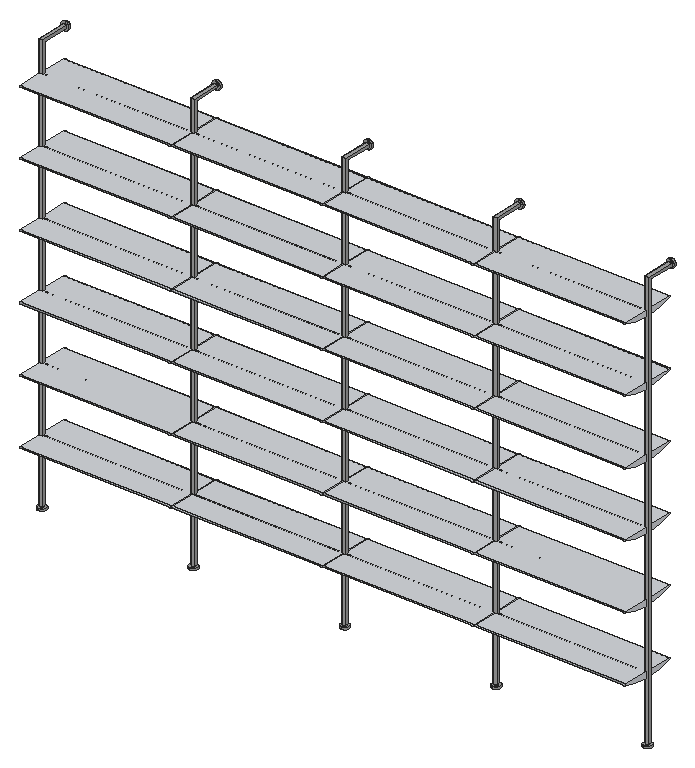
Revit family "Sailor_Parete_Composizione_3", category Arredi, Revit 2017
Family settings
  Numero OmniClass = 23.40.20.00
  Titolo OmniClass = General Furniture and Specialties
  Basato su piano di lavoro = No
  Sempre verticale = Sì
  Taglio con vuoti quando caricato = No
  Condiviso = No
  Punto di calcolo locali = No
Parameters
  VisibModulo4 = yes
  VisibModulo3 = yes
  VisibModulo2 = yes
  URL = "www.livingdivani.it"
  Produttore = "Living Divani"
  Modello = "Sailor"
  Lunghezza Modulo 3 = 900 mm
  Lunghezza Modulo 2 = 900 mm
  Lunghezza Modulo 4 = 900 mm
  Lunghezza Modulo 1 = 900 mm
Reference planes
  plane 1 "Centro (Fronte/Retro)": y = 0
  plane 2: z = 0
  plane 3 "Centro (Sinistra/Destra)": x = 0
Dimensions and locks
  aligned and locked: level to plane 2
  aligned and locked: nested 2 to nested 1
  aligned and locked: nested 3 to nested 2
  aligned and locked: nested 2 to nested 3
  aligned and locked: nested 4 to nested 3
  aligned and locked: nested 3 to nested 4
Nested families
  nested 1: "Sailor_Modulo_Base_Parete" at (0, 0, 0), LunghezzaRipiano <- "Lunghezza Modulo 1", type "Modulo 1"
    with VisibRipiano6 yes, VisibRipiano5 yes, VisibRipiano4 yes, VisibRipiano3 yes, VisibRipiano2 yes, VisibRipiano1 yes, LunghezzaRipiano 900 mm
  nested 2: "Sailor_Modulo_Base_Parete" at (900, 0, 0), LunghezzaRipiano <- "Lunghezza Modulo 2", visible <- "VisibModulo2", type "Modulo 2"
    with VisibRipiano6 yes, VisibRipiano5 yes, VisibRipiano4 yes, VisibRipiano3 yes, VisibRipiano2 yes, VisibRipiano1 yes, LunghezzaRipiano 900 mm, PrimaAsta no
  nested 3: "Sailor_Modulo_Base_Parete" at (1800, 0, 0), LunghezzaRipiano <- "Lunghezza Modulo 3", visible <- "VisibModulo3", type "Modulo 3"
    with VisibRipiano6 yes, VisibRipiano5 yes, VisibRipiano4 yes, VisibRipiano3 yes, VisibRipiano2 yes, VisibRipiano1 yes, LunghezzaRipiano 900 mm, PrimaAsta no
  nested 4: "Sailor_Modulo_Base_Parete" at (2700, 0, 0), LunghezzaRipiano <- "Lunghezza Modulo 4", visible <- "VisibModulo4", type "Modulo 4"
    with VisibRipiano6 yes, VisibRipiano5 yes, VisibRipiano4 yes, VisibRipiano3 yes, VisibRipiano2 yes, VisibRipiano1 yes, LunghezzaRipiano 900 mm, PrimaAsta no
Definition of nested family "Sailor_Modulo_Base_Parete"
  Parameters (values of type "Sailor_Modulo_Base_Parete")
    VisibRipiano6 [instance] = yes
    VisibRipiano5 [instance] = yes
    VisibRipiano4 [instance] = yes
    VisibRipiano3 [instance] = yes
    VisibRipiano1 [instance] = yes
    VisibRipiano2 [instance] = yes
    Ripiani = none
    PrimaAsta = yes
    LunghezzaRipiano [instance] = 900 mm
    Aste = none
  Reference planes
    plane 1 "Centro (Fronte/Retro)": y = 0
    plane 2: z = 0
    plane 3 "Centro (Sinistra/Destra)": x = 0
    plane 4: y = 0
    plane 5 "Lunghezza Ripiano": x = 900
    plane 6 "primo ripiano": z = 383
    plane 7: y = 0
    plane 8: y = 0
    plane 9: y = 0
    plane 10: y = 0
    plane 11: y = 0
  Forms (mm)
    Revolve 1, solid, material <- "Aste", visible <- "PrimaAsta"
      sketch origin (0, 0, 0) x (0, 1, 0) y (0, 0, 1)
        loop
          line (0, 20) -> (0, 0) -> (19, 0) -> (20.125, 2.25) -> (25, 2.25) -> (25, 9.915) -> (7.761, 9.915) -> (6.996, 12.974) -> (5, 12.974) -> (5, 14.189) -> (7.229, 20) -> (0, 20)
        axis (0, 0) -> (0, 20)
      angle from 0 to 360
    Extrusion 2, solid, material <- "Ripiani", visible <- "VisibRipiano1"
      sketch origin (0, -315.449, -968.719) x (0, 1, 0) y (0, 0, 1)
        loop
          arc (153.449, 1369.219) -> (150.496, 1366.748) -> (152.408, 1363.405) r 3
          arc (152.408, 1363.405) -> (315.449, 1334.219) -> (478.489, 1363.405) r 469.983
          arc (478.489, 1363.405) -> (480.402, 1366.748) -> (477.449, 1369.219) r 3
          line (477.449, 1369.219) -> (153.449, 1369.219)
        loop
          circle (315.449, 1351.719) r 8
      from 0 to 900 <- "LunghezzaRipiano"
    Extrusion 3, solid, visible <- "PrimaAsta", not visible
      sketch origin (0, 0, 0) x (1, 0, 0) y (0, 1, 0)
        loop
          line (12.5, 7.217) -> (0, 14.434) -> (-12.5, 7.217) -> (-12.5, -7.217) -> (0, -14.434) -> (12.5, -7.217) -> (12.5, 7.217)
      from 20 to 2670
    Revolve 4, solid, visible <- "PrimaAsta", not visible
      sketch origin (0, 0, 0) x (0, 1, 0) y (0, 0, 1)
        loop
          line (0, 20) -> (0, 0) -> (19, 0) -> (20.125, 2.25) -> (25, 2.25) -> (25, 9.915) -> (7.761, 9.915) -> (6.996, 12.974) -> (5, 12.974) -> (5, 14.189) -> (7.229, 20) -> (0, 20)
        axis (0, 0) -> (0, 20)
      angle from 0 to 360
    Revolve 5, solid, visible <- "PrimaAsta", not visible
      sketch origin (0, 0, 2690) x (0, 1, 0) y (0, 0, -1)
        loop
          line (0, 20) -> (0, 0) -> (19, 0) -> (20.125, 2.25) -> (25, 2.25) -> (25, 9.915) -> (7.761, 9.915) -> (6.996, 12.974) -> (5, 12.974) -> (5, 14.189) -> (7.229, 20) -> (0, 20)
        axis (0, 0) -> (0, 20)
      angle from 0 to 360
    Revolve 6, solid, material <- "Aste"
      sketch origin (900, 0, 0) x (0, 1, 0) y (0, 0, 1)
        loop
          line (0, 20) -> (0, 0) -> (19, 0) -> (20.125, 2.25) -> (25, 2.25) -> (25, 9.915) -> (7.761, 9.915) -> (6.996, 12.974) -> (5, 12.974) -> (5, 14.189) -> (7.229, 20) -> (0, 20)
        axis (0, 0) -> (0, 20)
      angle from 0 to 360
    Extrusion 7, solid, material <- "Ripiani", visible <- "VisibRipiano2"
      sketch origin (0, -315.449, -583.719) x (0, 1, 0) y (0, 0, 1)
        loop
          arc (153.449, 1369.219) -> (150.496, 1366.748) -> (152.408, 1363.405) r 3
          arc (152.408, 1363.405) -> (315.449, 1334.219) -> (478.489, 1363.405) r 469.983
          arc (478.489, 1363.405) -> (480.402, 1366.748) -> (477.449, 1369.219) r 3
          line (477.449, 1369.219) -> (153.449, 1369.219)
        loop
          circle (315.449, 1351.719) r 8
      from 0 to 900 <- "LunghezzaRipiano"
    Extrusion 8, solid, material <- "Ripiani", visible <- "VisibRipiano3"
      sketch origin (0, -315.449, -198.719) x (0, 1, 0) y (0, 0, 1)
        loop
          arc (153.449, 1369.219) -> (150.496, 1366.748) -> (152.408, 1363.405) r 3
          arc (152.408, 1363.405) -> (315.449, 1334.219) -> (478.489, 1363.405) r 469.983
          arc (478.489, 1363.405) -> (480.402, 1366.748) -> (477.449, 1369.219) r 3
          line (477.449, 1369.219) -> (153.449, 1369.219)
        loop
          circle (315.449, 1351.719) r 8
      from 0 to 900 <- "LunghezzaRipiano"
    Extrusion 9, solid, material <- "Ripiani", visible <- "VisibRipiano4"
      sketch origin (0, -315.449, 186.281) x (0, 1, 0) y (0, 0, 1)
        loop
          arc (153.449, 1369.219) -> (150.496, 1366.748) -> (152.408, 1363.405) r 3
          arc (152.408, 1363.405) -> (315.449, 1334.219) -> (478.489, 1363.405) r 469.983
          arc (478.489, 1363.405) -> (480.402, 1366.748) -> (477.449, 1369.219) r 3
          line (477.449, 1369.219) -> (153.449, 1369.219)
        loop
          circle (315.449, 1351.719) r 8
      from 0 to 900 <- "LunghezzaRipiano"
    Extrusion 10, solid, material <- "Ripiani", visible <- "VisibRipiano5"
      sketch origin (0, -315.449, 571.281) x (0, 1, 0) y (0, 0, 1)
        loop
          arc (153.449, 1369.219) -> (150.496, 1366.748) -> (152.408, 1363.405) r 3
          arc (152.408, 1363.405) -> (315.449, 1334.219) -> (478.489, 1363.405) r 469.983
          arc (478.489, 1363.405) -> (480.402, 1366.748) -> (477.449, 1369.219) r 3
          line (477.449, 1369.219) -> (153.449, 1369.219)
        loop
          circle (315.449, 1351.719) r 8
      from 0 to 900 <- "LunghezzaRipiano"
    Extrusion 11, solid, material <- "Ripiani", visible <- "VisibRipiano6"
      sketch origin (0, -315.449, 956.281) x (0, 1, 0) y (0, 0, 1)
        loop
          arc (153.449, 1369.219) -> (150.496, 1366.748) -> (152.408, 1363.405) r 3
          arc (152.408, 1363.405) -> (315.449, 1334.219) -> (478.489, 1363.405) r 469.983
          arc (478.489, 1363.405) -> (480.402, 1366.748) -> (477.449, 1369.219) r 3
          line (477.449, 1369.219) -> (153.449, 1369.219)
        loop
          circle (315.449, 1351.719) r 8
      from 0 to 900 <- "LunghezzaRipiano"
    Extrusion 12, void
      sketch origin (-112.713, -21.581, 0) x (1, 0, 0) y (0, 1, 0)
        loop
          line (112.713, 36.015) -> (112.713, 7.147) -> (125.213, 14.364) -> (125.213, 28.798) -> (112.713, 36.015)
      from 361.476 to 406.494
    Extrusion 13, void
      sketch origin (862.713, -21.581, 0) x (-1, 0, 0) y (0, -1, 0)
        loop
          line (-37.287, -36.015) -> (-24.787, -28.798) -> (-24.787, -14.364) -> (-37.287, -7.147) -> (-37.287, -36.015)
      from 361.476 to 406.494
    Extrusion 14, void
      sketch origin (-112.713, -21.581, 385.443) x (0, -1, 0) y (1, 0, 0)
        loop
          line (-36.015, 112.713) -> (-7.147, 112.713) -> (-14.364, 125.213) -> (-28.798, 125.213) -> (-36.015, 112.713)
      from 361.476 to 406.494
    Extrusion 15, void
      sketch origin (862.713, -21.581, 385.443) x (0, 1, 0) y (-1, 0, 0)
        loop
          line (36.015, -37.287) -> (28.798, -24.787) -> (14.364, -24.787) -> (7.147, -37.287) -> (36.015, -37.287)
      from 361.476 to 406.494
    Extrusion 16, void
      sketch origin (-112.713, -21.581, 770.443) x (0, -1, 0) y (1, 0, 0)
        loop
          line (-36.015, 112.713) -> (-7.147, 112.713) -> (-14.364, 125.213) -> (-28.798, 125.213) -> (-36.015, 112.713)
      from 361.476 to 406.494
    Extrusion 17, void
      sketch origin (862.713, -21.581, 770.443) x (0, 1, 0) y (-1, 0, 0)
        loop
          line (36.015, -37.287) -> (28.798, -24.787) -> (14.364, -24.787) -> (7.147, -37.287) -> (36.015, -37.287)
      from 361.476 to 406.494
    Extrusion 18, void
      sketch origin (-112.713, -21.581, 1155.443) x (0, -1, 0) y (1, 0, 0)
        loop
          line (-36.015, 112.713) -> (-7.147, 112.713) -> (-14.364, 125.213) -> (-28.798, 125.213) -> (-36.015, 112.713)
      from 361.476 to 406.494
    Extrusion 19, void
      sketch origin (862.713, -21.581, 1155.443) x (0, 1, 0) y (-1, 0, 0)
        loop
          line (36.015, -37.287) -> (28.798, -24.787) -> (14.364, -24.787) -> (7.147, -37.287) -> (36.015, -37.287)
      from 361.476 to 406.494
    Extrusion 20, void
      sketch origin (-112.713, -21.581, 1540.443) x (0, -1, 0) y (1, 0, 0)
        loop
          line (-36.015, 112.713) -> (-7.147, 112.713) -> (-14.364, 125.213) -> (-28.798, 125.213) -> (-36.015, 112.713)
      from 361.476 to 406.494
    Extrusion 21, void
      sketch origin (862.713, -21.581, 1540.443) x (0, 1, 0) y (-1, 0, 0)
        loop
          line (36.015, -37.287) -> (28.798, -24.787) -> (14.364, -24.787) -> (7.147, -37.287) -> (36.015, -37.287)
      from 361.476 to 406.494
    Extrusion 22, void
      sketch origin (-112.713, -21.581, 1925.443) x (0, -1, 0) y (1, 0, 0)
        loop
          line (-36.015, 112.713) -> (-7.147, 112.713) -> (-14.364, 125.213) -> (-28.798, 125.213) -> (-36.015, 112.713)
      from 361.476 to 406.494
    Extrusion 23, void
      sketch origin (862.713, -21.581, 1925.443) x (0, 1, 0) y (-1, 0, 0)
        loop
          line (36.015, -37.287) -> (28.798, -24.787) -> (14.364, -24.787) -> (7.147, -37.287) -> (36.015, -37.287)
      from 361.476 to 406.494
    Sweep 24, solid, material <- "Aste", visible <- "PrimaAsta"
      path origin (0, 0, 0) x (0, 1, 0) y (0, 0, 1)
        loop
          line (0, 20) -> (0, 2496) -> (160.566, 2496)
      profile origin (0, 0, 1258) x (0, -1, 0) y (1, 0, 0)
        loop
          line (-14.434, 0) -> (-7.217, -12.5) -> (7.217, -12.5) -> (14.434, 0) -> (7.217, 12.5) -> (-7.217, 12.5) -> (-14.434, 0)
    Revolve 25, solid, material <- "Aste", visible <- "PrimaAsta"
      sketch origin (0, 180.566, 2496) x (0, 0, 1) y (0, -1, 0)
        loop
          line (0, 20) -> (0, -15) -> (3, -15) -> (3, 0) -> (19, 0) -> (20.125, 2.25) -> (25, 2.25) -> (25, 9.915) -> (7.761, 9.915) -> (6.996, 12.974) -> (5, 12.974) -> (5, 14.189) -> (7.229, 20) -> (0, 20)
        axis (0, -15) -> (0, 20)
      angle from 0 to 360
    Sweep 26, solid, material <- "Aste"
      path origin (900, 551.923, 1200) x (0, 1, 0) y (0, 0, 1)
        loop
          line (-551.923, -1180) -> (-551.923, 1296) -> (-391.357, 1296)
      profile origin (900, 0, 1258) x (0, -1, 0) y (1, 0, 0)
        loop
          line (14.434, 0) -> (7.217, 12.5) -> (-7.217, 12.5) -> (-14.434, 0) -> (-7.217, -12.5) -> (7.217, -12.5) -> (14.434, 0)
    Revolve 27, solid, material <- "Aste"
      sketch origin (900, 180.566, 2496) x (0, 0, 1) y (0, 1, 0)
        loop
          line (0, -20) -> (7.229, -20) -> (5, -14.189) -> (5, -12.974) -> (6.996, -12.974) -> (7.761, -9.915) -> (25, -9.915) -> (25, -2.25) -> (20.125, -2.25) -> (19, 0) -> (3, 0) -> (3, 15) -> (0, 15) -> (0, -20)
        axis (0, 15) -> (0, -20)
      angle from 0 to 360
  Cuts and joins
    Extrusion 12, Extrusion 13, Extrusion 14, Extrusion 15 cuts Extrusion 2
    Extrusion 12, Extrusion 13, Extrusion 22, Extrusion 23 cuts Extrusion 11
    Extrusion 14, Extrusion 15, Extrusion 16 cuts Extrusion 7
    Extrusion 16, Extrusion 17, Extrusion 18 cuts Extrusion 8
    Extrusion 18, Extrusion 19, Extrusion 20 cuts Extrusion 9
    Extrusion 20, Extrusion 21, Extrusion 22 cuts Extrusion 10
  Dimensions and locks
    equal spacing: Extrusion 2 sketch curve, plane 4, Extrusion 2 sketch curve, locked at 165 each
    "LunghezzaRipiano": plane 3 "Centro (Sinistra/Destra)" to plane 5 "Lunghezza Ripiano"
    plane 6 "primo ripiano" to level = 383 mm
    equal spacing: Extrusion 7 sketch curve, plane 7, Extrusion 7 sketch curve, locked at 165 each
    Extrusion 7 to plane 6 "primo ripiano" = 385 mm
    equal spacing: Extrusion 8 sketch curve, plane 8, Extrusion 8 sketch curve, locked at 165 each
    equal spacing: Extrusion 9 sketch curve, plane 9, Extrusion 9 sketch curve, locked at 165 each
    equal spacing: Extrusion 10 sketch curve, plane 10, Extrusion 10 sketch curve, locked at 165 each
    equal spacing: Extrusion 11 sketch curve, plane 11, Extrusion 11 sketch curve, locked at 165 each
    aligned and locked: level to plane 2
    aligned and locked: plane 4 to plane 1 "Centro (Fronte/Retro)"
    aligned and locked: plane 6 "primo ripiano" to Extrusion 2
    aligned and locked: cut or joined group of Extrusion 11, Extrusion 12, Extrusion 13, Extrusion 22, Extrusion 23 to cut or joined group of Extrusion 2, Extrusion 12, Extrusion 13, Extrusion 14, Extrusion 15  (x2)
    aligned and locked: plane 5 "Lunghezza Ripiano" to Revolve 6
    aligned and locked: Sweep 24 to Revolve 25
    aligned and locked: plane 5 "Lunghezza Ripiano" to Revolve 27
  Automatic sketch dimensions
    Extrusion 3 sketch curve to Extrusion 3 sketch curve = 7.217 mm  (x4)
    Revolve 4 sketch curve to Revolve 4 sketch curve = 1.996 mm
    Revolve 4 sketch curve to Revolve 4 sketch curve = 2.229 mm
    Revolve 4 sketch curve to Revolve 4 sketch curve = 0.765 mm
    Revolve 4 sketch curve to Revolve 4 sketch curve = 11.239 mm
    Revolve 4 sketch curve to Revolve 4 sketch curve = 1.125 mm
    Revolve 4 sketch curve to Revolve 4 sketch curve = 4.875 mm
    Revolve 4 sketch curve to Revolve 4 sketch curve = 3.059 mm
    Revolve 4 sketch curve to Revolve 4 sketch curve = 1.216 mm
    Revolve 4 sketch curve to Revolve 4 sketch curve = 5.811 mm
    Revolve 4 sketch curve to Revolve 4 sketch curve = 2780 mm
    Revolve 5 sketch curve to Revolve 5 sketch curve = 1.996 mm
    Revolve 5 sketch curve to Revolve 5 sketch curve = 2.229 mm
    Revolve 5 sketch curve to Revolve 5 sketch curve = 0.765 mm
    Revolve 5 sketch curve to Revolve 5 sketch curve = 11.239 mm
    Revolve 5 sketch curve to Revolve 5 sketch curve = 1.125 mm
    Revolve 5 sketch curve to Revolve 5 sketch curve = 4.875 mm
    Revolve 5 sketch curve to Revolve 5 sketch curve = 2.25 mm
    Revolve 5 sketch curve to Revolve 5 sketch curve = 9.915 mm
    Revolve 5 sketch curve to Revolve 5 sketch curve = 3.059 mm
    Revolve 5 sketch curve to Revolve 5 sketch curve = 1.216 mm
    Revolve 5 sketch curve to Revolve 5 sketch curve = 5.811 mm
    Revolve 5 sketch curve to Revolve 5 sketch curve = 0 mm  (x2)
    Extrusion 3 sketch curve to Extrusion 3 sketch curve = 12.5 mm  (x3)
    Extrusion 3 sketch curve to Extrusion 3 sketch curve = 14.434 mm
    Revolve 4 sketch curve to Revolve 4 sketch curve = 5 mm
    Revolve 4 sketch curve to Revolve 4 sketch curve = 2.25 mm
    Revolve 4 sketch curve to Revolve 4 sketch curve = 9.915 mm
    Revolve 4 sketch curve to Revolve 4 sketch curve = 0 mm  (x2)
    Revolve 5 sketch curve to Revolve 5 sketch curve = 5 mm
    Revolve 5 sketch curve to Revolve 5 sketch curve = 2780 mm
    Revolve 1 sketch curve to level = 0 mm  (x2)
    Revolve 1 sketch curve to plane 1 "Centro (Fronte/Retro)" = 0 mm  (x2)
    Revolve 1 sketch curve to plane 1 "Centro (Fronte/Retro)" = 5 mm
    Revolve 1 sketch curve to Revolve 1 sketch curve = 1.996 mm
    Revolve 1 sketch curve to Revolve 1 sketch curve = 2.229 mm
    Revolve 1 sketch curve to Revolve 1 sketch curve = 0.765 mm
    Revolve 1 sketch curve to Revolve 1 sketch curve = 11.239 mm
    level to Revolve 1 sketch curve = 2.25 mm
    Revolve 1 sketch curve to Revolve 1 sketch curve = 1.125 mm
    Revolve 1 sketch curve to Revolve 1 sketch curve = 4.875 mm
    level to Revolve 1 sketch curve = 9.915 mm
    Revolve 1 sketch curve to Revolve 1 sketch curve = 3.059 mm
    Revolve 1 sketch curve to Revolve 1 sketch curve = 1.216 mm
    Revolve 1 sketch curve to Revolve 1 sketch curve = 5.811 mm
    plane 6 "primo ripiano" to Revolve 1 sketch curve = 2417 mm
    Extrusion 2 sketch curve to plane 1 "Centro (Fronte/Retro)" = 0 mm  (x2)
    Extrusion 2 sketch curve to plane 6 "primo ripiano" = 0 mm
    plane 6 "primo ripiano" to Extrusion 2 sketch curve = 17.5 mm
    plane 1 "Centro (Fronte/Retro)" to Extrusion 2 sketch curve = 162 mm
    Extrusion 2 sketch curve to plane 1 "Centro (Fronte/Retro)" = 162 mm
    Extrusion 2 sketch curve to Extrusion 2 sketch curve = 3 mm
    Extrusion 2 sketch curve to Extrusion 2 sketch curve = 452.483 mm
    Extrusion 2 sketch curve to Extrusion 2 sketch curve = 0 mm
    Revolve 6 sketch curve to level = 0 mm  (x2)
    Revolve 6 sketch curve to plane 1 "Centro (Fronte/Retro)" = 0 mm  (x2)
    Revolve 6 sketch curve to plane 1 "Centro (Fronte/Retro)" = 5 mm
    Revolve 6 sketch curve to Revolve 6 sketch curve = 1.996 mm
    Revolve 6 sketch curve to Revolve 6 sketch curve = 2.229 mm
    Revolve 6 sketch curve to Revolve 6 sketch curve = 0.765 mm
    Revolve 6 sketch curve to Revolve 6 sketch curve = 11.239 mm
    level to Revolve 6 sketch curve = 2.25 mm
    Revolve 6 sketch curve to Revolve 6 sketch curve = 1.125 mm
    Revolve 6 sketch curve to Revolve 6 sketch curve = 4.875 mm
    level to Revolve 6 sketch curve = 9.915 mm
    Revolve 6 sketch curve to Revolve 6 sketch curve = 3.059 mm
    Revolve 6 sketch curve to Revolve 6 sketch curve = 1.216 mm
    Revolve 6 sketch curve to Revolve 6 sketch curve = 5.811 mm
    plane 6 "primo ripiano" to Revolve 6 sketch curve = 2417 mm
    Extrusion 7 sketch curve to plane 1 "Centro (Fronte/Retro)" = 0 mm  (x2)
    plane 1 "Centro (Fronte/Retro)" to Extrusion 7 sketch curve = 162 mm
    Extrusion 7 sketch curve to plane 1 "Centro (Fronte/Retro)" = 162 mm
    plane 6 "primo ripiano" to Extrusion 7 sketch curve = 385 mm
    Extrusion 7 sketch curve to Extrusion 7 sketch curve = 14.5 mm
    Extrusion 7 sketch curve to Extrusion 7 sketch curve = 3 mm
    Extrusion 7 sketch curve to Extrusion 7 sketch curve = 452.483 mm
    Extrusion 7 sketch curve to Extrusion 7 sketch curve = 0 mm
    Extrusion 8 sketch curve to plane 1 "Centro (Fronte/Retro)" = 0 mm  (x2)
    plane 1 "Centro (Fronte/Retro)" to Extrusion 8 sketch curve = 162 mm
    Extrusion 8 sketch curve to plane 1 "Centro (Fronte/Retro)" = 162 mm
    plane 6 "primo ripiano" to Extrusion 8 sketch curve = 770 mm
    Extrusion 8 sketch curve to Extrusion 8 sketch curve = 14.5 mm
    Extrusion 8 sketch curve to Extrusion 8 sketch curve = 3 mm
    Extrusion 8 sketch curve to Extrusion 8 sketch curve = 452.483 mm
    Extrusion 8 sketch curve to Extrusion 8 sketch curve = 0 mm
    Extrusion 9 sketch curve to plane 1 "Centro (Fronte/Retro)" = 0 mm  (x2)
    plane 1 "Centro (Fronte/Retro)" to Extrusion 9 sketch curve = 162 mm
    Extrusion 9 sketch curve to plane 1 "Centro (Fronte/Retro)" = 162 mm
    plane 6 "primo ripiano" to Extrusion 9 sketch curve = 1155 mm
    Extrusion 9 sketch curve to Extrusion 9 sketch curve = 14.5 mm
    Extrusion 9 sketch curve to Extrusion 9 sketch curve = 3 mm
    Extrusion 9 sketch curve to Extrusion 9 sketch curve = 452.483 mm
    Extrusion 9 sketch curve to Extrusion 9 sketch curve = 0 mm
    Extrusion 10 sketch curve to plane 1 "Centro (Fronte/Retro)" = 0 mm  (x2)
    plane 1 "Centro (Fronte/Retro)" to Extrusion 10 sketch curve = 162 mm
    Extrusion 10 sketch curve to plane 1 "Centro (Fronte/Retro)" = 162 mm
    plane 6 "primo ripiano" to Extrusion 10 sketch curve = 1540 mm
    Extrusion 10 sketch curve to Extrusion 10 sketch curve = 14.5 mm
    Extrusion 10 sketch curve to Extrusion 10 sketch curve = 3 mm
    Extrusion 10 sketch curve to Extrusion 10 sketch curve = 452.483 mm
    Extrusion 10 sketch curve to Extrusion 10 sketch curve = 0 mm
    Extrusion 11 sketch curve to plane 1 "Centro (Fronte/Retro)" = 0 mm  (x2)
    plane 1 "Centro (Fronte/Retro)" to Extrusion 11 sketch curve = 162 mm
    Extrusion 11 sketch curve to plane 1 "Centro (Fronte/Retro)" = 162 mm
    plane 6 "primo ripiano" to Extrusion 11 sketch curve = 1925 mm
    Extrusion 11 sketch curve to Extrusion 11 sketch curve = 14.5 mm
    Extrusion 11 sketch curve to Extrusion 11 sketch curve = 3 mm
    Extrusion 11 sketch curve to Extrusion 11 sketch curve = 452.483 mm
    Extrusion 11 sketch curve to Extrusion 11 sketch curve = 0 mm
    Extrusion 12 sketch curve to plane 3 "Centro (Sinistra/Destra)" = 0 mm
    plane 3 "Centro (Sinistra/Destra)" to Extrusion 12 sketch curve = 12.5 mm
    plane 1 "Centro (Fronte/Retro)" to Extrusion 12 sketch curve = 14.434 mm
    plane 1 "Centro (Fronte/Retro)" to Extrusion 12 sketch curve = 7.217 mm
    Extrusion 12 sketch curve to plane 1 "Centro (Fronte/Retro)" = 7.217 mm
    Extrusion 12 sketch curve to Extrusion 12 sketch curve = 7.217 mm
    Extrusion 13 sketch curve to plane 5 "Lunghezza Ripiano" = 0 mm
    plane 5 "Lunghezza Ripiano" to Extrusion 13 sketch curve = 12.5 mm
    Extrusion 13 sketch curve to plane 1 "Centro (Fronte/Retro)" = 14.434 mm
    Extrusion 13 sketch curve to plane 1 "Centro (Fronte/Retro)" = 7.217 mm
    plane 1 "Centro (Fronte/Retro)" to Extrusion 13 sketch curve = 7.217 mm
    plane 1 "Centro (Fronte/Retro)" to Extrusion 13 sketch curve = 14.434 mm
    Extrusion 14 sketch curve to plane 3 "Centro (Sinistra/Destra)" = 0 mm
    Extrusion 14 sketch curve to plane 1 "Centro (Fronte/Retro)" = 14.434 mm
    Extrusion 14 sketch curve to plane 1 "Centro (Fronte/Retro)" = 7.217 mm
    plane 1 "Centro (Fronte/Retro)" to Extrusion 14 sketch curve = 7.217 mm
    Extrusion 14 sketch curve to Extrusion 14 sketch curve = 7.217 mm
    plane 3 "Centro (Sinistra/Destra)" to Extrusion 14 sketch curve = 12.5 mm
    Extrusion 15 sketch curve to plane 5 "Lunghezza Ripiano" = 0 mm
    plane 1 "Centro (Fronte/Retro)" to Extrusion 15 sketch curve = 14.434 mm
    plane 1 "Centro (Fronte/Retro)" to Extrusion 15 sketch curve = 7.217 mm
    Extrusion 15 sketch curve to plane 1 "Centro (Fronte/Retro)" = 7.217 mm
    Extrusion 15 sketch curve to plane 1 "Centro (Fronte/Retro)" = 14.434 mm
    Extrusion 15 sketch curve to plane 5 "Lunghezza Ripiano" = 12.5 mm
    Extrusion 16 sketch curve to plane 3 "Centro (Sinistra/Destra)" = 0 mm
    Extrusion 16 sketch curve to plane 1 "Centro (Fronte/Retro)" = 14.434 mm
    Extrusion 16 sketch curve to plane 1 "Centro (Fronte/Retro)" = 7.217 mm
    plane 1 "Centro (Fronte/Retro)" to Extrusion 16 sketch curve = 7.217 mm
    Extrusion 16 sketch curve to Extrusion 16 sketch curve = 7.217 mm
    plane 3 "Centro (Sinistra/Destra)" to Extrusion 16 sketch curve = 12.5 mm
    Extrusion 17 sketch curve to plane 5 "Lunghezza Ripiano" = 0 mm
    plane 1 "Centro (Fronte/Retro)" to Extrusion 17 sketch curve = 14.434 mm
    plane 1 "Centro (Fronte/Retro)" to Extrusion 17 sketch curve = 7.217 mm
    Extrusion 17 sketch curve to plane 1 "Centro (Fronte/Retro)" = 7.217 mm
    Extrusion 17 sketch curve to plane 1 "Centro (Fronte/Retro)" = 14.434 mm
    Extrusion 17 sketch curve to plane 5 "Lunghezza Ripiano" = 12.5 mm
    Extrusion 18 sketch curve to plane 3 "Centro (Sinistra/Destra)" = 0 mm
    Extrusion 18 sketch curve to plane 1 "Centro (Fronte/Retro)" = 14.434 mm
    Extrusion 18 sketch curve to plane 1 "Centro (Fronte/Retro)" = 7.217 mm
    plane 1 "Centro (Fronte/Retro)" to Extrusion 18 sketch curve = 7.217 mm
    Extrusion 18 sketch curve to Extrusion 18 sketch curve = 7.217 mm
    plane 3 "Centro (Sinistra/Destra)" to Extrusion 18 sketch curve = 12.5 mm
    Extrusion 19 sketch curve to plane 5 "Lunghezza Ripiano" = 0 mm
    plane 1 "Centro (Fronte/Retro)" to Extrusion 19 sketch curve = 14.434 mm
    plane 1 "Centro (Fronte/Retro)" to Extrusion 19 sketch curve = 7.217 mm
    Extrusion 19 sketch curve to plane 1 "Centro (Fronte/Retro)" = 7.217 mm
    Extrusion 19 sketch curve to plane 1 "Centro (Fronte/Retro)" = 14.434 mm
    Extrusion 19 sketch curve to plane 5 "Lunghezza Ripiano" = 12.5 mm
    Extrusion 20 sketch curve to plane 3 "Centro (Sinistra/Destra)" = 0 mm
    Extrusion 20 sketch curve to plane 1 "Centro (Fronte/Retro)" = 14.434 mm
    Extrusion 20 sketch curve to plane 1 "Centro (Fronte/Retro)" = 7.217 mm
    plane 1 "Centro (Fronte/Retro)" to Extrusion 20 sketch curve = 7.217 mm
    Extrusion 20 sketch curve to Extrusion 20 sketch curve = 7.217 mm
    plane 3 "Centro (Sinistra/Destra)" to Extrusion 20 sketch curve = 12.5 mm
    Extrusion 21 sketch curve to plane 5 "Lunghezza Ripiano" = 0 mm
    plane 1 "Centro (Fronte/Retro)" to Extrusion 21 sketch curve = 14.434 mm
    plane 1 "Centro (Fronte/Retro)" to Extrusion 21 sketch curve = 7.217 mm
    Extrusion 21 sketch curve to plane 1 "Centro (Fronte/Retro)" = 7.217 mm
    Extrusion 21 sketch curve to plane 1 "Centro (Fronte/Retro)" = 14.434 mm
    Extrusion 21 sketch curve to plane 5 "Lunghezza Ripiano" = 12.5 mm
    Extrusion 22 sketch curve to plane 3 "Centro (Sinistra/Destra)" = 0 mm
    Extrusion 22 sketch curve to plane 1 "Centro (Fronte/Retro)" = 14.434 mm
    Extrusion 22 sketch curve to plane 1 "Centro (Fronte/Retro)" = 7.217 mm
    plane 1 "Centro (Fronte/Retro)" to Extrusion 22 sketch curve = 7.217 mm
    Extrusion 22 sketch curve to Extrusion 22 sketch curve = 7.217 mm
    plane 3 "Centro (Sinistra/Destra)" to Extrusion 22 sketch curve = 12.5 mm
    Extrusion 23 sketch curve to plane 5 "Lunghezza Ripiano" = 0 mm
    plane 1 "Centro (Fronte/Retro)" to Extrusion 23 sketch curve = 14.434 mm
    plane 1 "Centro (Fronte/Retro)" to Extrusion 23 sketch curve = 7.217 mm
    Extrusion 23 sketch curve to plane 1 "Centro (Fronte/Retro)" = 7.217 mm
    Extrusion 23 sketch curve to Extrusion 23 sketch curve = 7.217 mm
    Extrusion 23 sketch curve to plane 5 "Lunghezza Ripiano" = 12.5 mm
    Sweep 24 sketch curve to plane 1 "Centro (Fronte/Retro)" = 0 mm
    plane 6 "primo ripiano" to Sweep 24 sketch curve = 2113 mm
    Sweep 24 sketch curve to plane 1 "Centro (Fronte/Retro)" = 160.566 mm
    level to Sweep 24 sketch curve = 20 mm
    Sweep 24 sketch curve to plane 3 "Centro (Sinistra/Destra)" = 0 mm  (x2)
    profile plane to Sweep 24 sketch curve = 14.434 mm
    profile plane to Sweep 24 sketch curve = 7.217 mm  (x2)
    Sweep 24 sketch curve to profile plane = 7.217 mm  (x2)
    Sweep 24 sketch curve to Sweep 24 sketch curve = 7.217 mm
    Sweep 24 sketch curve to plane 3 "Centro (Sinistra/Destra)" = 12.5 mm
    plane 3 "Centro (Sinistra/Destra)" to Sweep 24 sketch curve = 12.5 mm
    Revolve 25 sketch curve to plane 1 "Centro (Fronte/Retro)" = 160.566 mm
    plane 6 "primo ripiano" to Revolve 25 sketch curve = 2113 mm  (x2)
    Revolve 25 sketch curve to Revolve 25 sketch curve = 3 mm
    Revolve 25 sketch curve to Revolve 25 sketch curve = 5 mm
    Revolve 25 sketch curve to plane 1 "Centro (Fronte/Retro)" = 167.593 mm
    Revolve 25 sketch curve to Revolve 25 sketch curve = 1.996 mm
    Revolve 25 sketch curve to Revolve 25 sketch curve = 2.229 mm
    Revolve 25 sketch curve to plane 1 "Centro (Fronte/Retro)" = 170.652 mm
    Revolve 25 sketch curve to Revolve 25 sketch curve = 0.765 mm
    Revolve 25 sketch curve to plane 1 "Centro (Fronte/Retro)" = 180.566 mm
    Revolve 25 sketch curve to Revolve 25 sketch curve = 11.239 mm
    Revolve 25 sketch curve to plane 1 "Centro (Fronte/Retro)" = 178.316 mm
    Revolve 25 sketch curve to Revolve 25 sketch curve = 1.125 mm
    Revolve 25 sketch curve to Revolve 25 sketch curve = 4.875 mm
    Revolve 25 sketch curve to Revolve 25 sketch curve = 15 mm
    Revolve 25 sketch curve to Revolve 25 sketch curve = 1.216 mm
    Revolve 25 sketch curve to Revolve 25 sketch curve = 0 mm
    plane 1 "Centro (Fronte/Retro)" to Revolve 25 sketch curve = 2619.434 mm
    Sweep 26 sketch curve to profile plane = 0 mm  (x2)
    profile plane to Sweep 26 sketch curve = 14.434 mm
    profile plane to Sweep 26 sketch curve = 7.217 mm  (x2)
    Sweep 26 sketch curve to profile plane = 7.217 mm  (x2)
    Sweep 26 sketch curve to profile plane = 14.434 mm
    Sweep 26 sketch curve to profile plane = 12.5 mm
    profile plane to Sweep 26 sketch curve = 12.5 mm
    Revolve 27 sketch curve to plane 1 "Centro (Fronte/Retro)" = 160.566 mm
    plane 6 "primo ripiano" to Revolve 27 sketch curve = 2113 mm  (x2)
    Revolve 27 sketch curve to Revolve 27 sketch curve = 3 mm
    Revolve 27 sketch curve to Revolve 27 sketch curve = 5 mm
    Revolve 27 sketch curve to plane 1 "Centro (Fronte/Retro)" = 167.593 mm
    Revolve 27 sketch curve to Revolve 27 sketch curve = 1.996 mm
    Revolve 27 sketch curve to Revolve 27 sketch curve = 2.229 mm
    Revolve 27 sketch curve to plane 1 "Centro (Fronte/Retro)" = 170.652 mm
    Revolve 27 sketch curve to Revolve 27 sketch curve = 0.765 mm
    Revolve 27 sketch curve to plane 1 "Centro (Fronte/Retro)" = 180.566 mm
    Revolve 27 sketch curve to Revolve 27 sketch curve = 11.239 mm
    Revolve 27 sketch curve to plane 1 "Centro (Fronte/Retro)" = 178.316 mm
    Revolve 27 sketch curve to Revolve 27 sketch curve = 1.125 mm
    Revolve 27 sketch curve to Revolve 27 sketch curve = 4.875 mm
    Revolve 27 sketch curve to Revolve 27 sketch curve = 1.216 mm
    Revolve 27 sketch curve to Revolve 27 sketch curve = 15 mm
    plane 1 "Centro (Fronte/Retro)" to Revolve 27 sketch curve = 2619.434 mm
    Revolve 27 sketch curve to Revolve 27 sketch curve = 0 mm
    Sweep 26 sketch curve to plane 1 "Centro (Fronte/Retro)" = 0 mm
    plane 6 "primo ripiano" to Sweep 26 sketch curve = 2113 mm
    Sweep 26 sketch curve to Sweep 26 sketch curve = 160.566 mm
    level to Sweep 26 sketch curve = 20 mm
    radius of Extrusion 2 sketch curve = 8 mm
    radius of Extrusion 7 sketch curve = 8 mm
    radius of Extrusion 8 sketch curve = 8 mm
    radius of Extrusion 9 sketch curve = 8 mm
    radius of Extrusion 10 sketch curve = 8 mm
    radius of Extrusion 11 sketch curve = 8 mm
